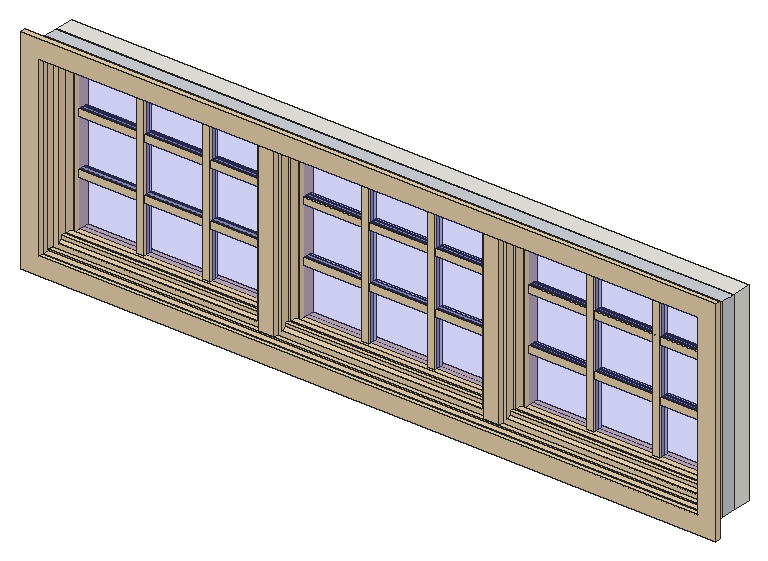
Revit family "1 Window-Awning-Andersen-400_Series_Triple", category Windows, host Wall, Revit 2014
Parameters
  XPanelWidth = (Width - 0' 2 3/8") / 3  # 2' - 3.20833"
  XPanelHeight = Height - 0' 1 1/8"  # 1' - 10 7/8"
  Visual Light Transmittance = 0.48  # constant formula
  Thermal Resistance (R) = 0.62871  # 3.5700 (h·ft²·°F)/BTU
  TFL = if(Fractional Lights High > 5, 3, if(or(Fractional Lights High = 4, Fractional Lights High = 5), 2, if(or(Fractional Lights High = 2, Fractional Lights High = 3), 1, 1)))  # 2
  TFB = TFL - 1  # 1
  Solar Heat Gain Coefficient = 0.21  # constant formula
  Learn About These Parameters = "http://www.andersenwindows.com/for-professionals/cad-symbols-bim-support-window-doors/bim-support"
  LWide = if(Enter Pattern Number = 3, 3, if(Enter Pattern Number = 1, . . Lights Wide, Fractional Lights Wide))  # 3
  Heat Transfer Coefficient (U) = 1.5899  # 0.2800 BTU/(h·ft²·°F)
  Glazing Material = Glass ‐ Andersen - Low-E4 SmartSun
  Fractional Lights Wide = 3
  Fractional Lights High = 5
  Exterior Unit Finish = Vinyl - Andersen - White
  Enter Jamb Condition = 1
  Analytic Construction = "<None>"
  ..Jamb Condition Number 1 = "Extension Jamb Only"  # constant formula
  ..Jamb Condition Number 2 = "Narrow Drywall Return"  # constant formula
  ..Jamb Condition Number 3 = "Wide Drywall Return"  # constant formula
  Available Grille Bar Sizes = "3/4'', 7/8'', 1 1/8'', 2 1/4''"  # constant formula
  Between Glass Grille Bar Sizes = "3/4'', 1''"  # constant formula
  Interior Casing = yes
  Grille Bar Size = 0' - 0 7/8"
  Enter Pattern Number = 1
  ..Pattern Number 1 = "Colonial"  # constant formula
  . . Lights Wide = 3
  . . Lights High = 3
  ..Pattern Number 2 = "Modified Colonial"  # constant formula
  ..Pattern Number 3 = "Prairie"  # constant formula
  ..Pattern Number 4 = "Short Fractional"  # constant formula
  ..Pattern Number 5 = "Tall Fractional"  # constant formula
  Extension Jamb = yes
  Enter Exterior Trim Number = 0
  ..Exterior Trim Number 0 = "No Exterior Trim"  # constant formula
  ..Exterior Trim Number 1 = "Brick Mould"  # constant formula
  ..Exterior Trim Number 2 = "3 1/2'' Flat Casing"  # constant formula
  ..Exterior Trim Number 3 = "4 1/2'' Flat Casing"  # constant formula
  Interior Grille Bar = yes
  Exterior Grille Bar = yes
  Between Glass Grille Bar = yes
  xjamb Visibility [instance] = and(and(Enter Jamb Condition = 1, Wall Depth > 0' 2 7/8"), Extension Jamb)  # yes
  xjamb S1 [instance] = if(Wall Depth > 0' 3", Wall Depth - 0' 2 27/32", 0' 3")  # 0' - 1 23/32"
  sill nose1 = 0' - 1 13/16"  # constant formula
  sill nose 2 = 0' - 1 15/16"  # constant formula
  casingS2 = if(Enter Exterior Trim Number = 1, 0' 0 3/16", 0' 0 3/16")  # 0' - 0 3/16"
  casingS1 = if(Enter Exterior Trim Number = 1, 0' 0 7/16", 0' 0 3/16")  # 0' - 0 3/16"
  casing4 = if(Enter Exterior Trim Number = 1, 0' 1 3/4", if(Enter Exterior Trim Number = 2, 0' 3 1/4", 0' 4 1/4"))  # 0' - 4 1/4"
  casing3 = 0' - 0 1/2"  # constant formula
  casing2 = 0' - 0 7/8"  # constant formula
  casing1 = 0' - 0 1/4"  # constant formula
  Xjamb 2 = if(or(Enter Jamb Condition = 2, Enter Jamb Condition = 3), 0' 0 1/32", 0' 0 1/2")  # 0' - 0 1/2"
  Xjamb 1 = if(or(Enter Jamb Condition = 2, Enter Jamb Condition = 3), 0' 0 5/8", 0' 1 3/32")  # 0' - 1 3/32"
  Wall Thickness [instance] = 0' - 6"
  Wall Depth [instance] = 0' - 4 9/16"
  Void Offset 2 = if(Enter Exterior Trim Number > 0, 0' 1 15/16", 0' 0")  # 0' - 0"
  Void Offset 1 = if(Enter Exterior Trim Number > 0, casing4, 0' 0")  # 0' - 0"
  Void Depth [instance] = if(Wall Thickness > Wall Depth, 0' 1" + Wall Thickness - Wall Depth, 0' 1")  # 0' - 2 7/16"
  VeriLock Sensor [instance] = no
  VGB DLO = if(Enter Pattern Number = 3, 0' 4", (H DLO - (Grille Bar Size * (V Bars))) / if(LWide > 2, LWide, 3))  # 2' - 1.91667"
  V Bars = if(Enter Pattern Number = 3, 2, if(LWide > 2, LWide - 1, 2))  # 2
  URL = "www.andersenwindows.com"
  Type Comments = "Vinyl-clad wood awning window"
  TS V DLO = Height - HGO - SGO  # 1' - 7 3/8"
  TS V Bar Length = if(or(Enter Pattern Number = 5, Enter Pattern Number = 2), ((((Height - HGO - SGO - (Grille Bar Size * (Fractional Lights High - 1))) / Fractional Lights High)) * TFL) + (TFB * Grille Bar Size), if(Enter Pattern Number = 4, ((Height - HGO - SGO - (Grille Bar Size * (Fractional Lights High - 1))) / Fractional Lights High), Height - HGO - SGO))  # 1' - 7 3/8"
  TS SH DLO = if(or(Enter Pattern Number = 5, Enter Pattern Number = 2), ((((Height - HGO - SGO - (Grille Bar Size * (Fractional Lights High - 1))) / Fractional Lights High)) * TFL) + (TFB * Grille Bar Size) + HGO + (Grille Bar Size / 2), if(Enter Pattern Number = 4, TS V Bar Length + HGO + (Grille Bar Size / 2), (TS V DLO / 2) + HGO))  # 1' - 0 1/16"
  TS S V = or(and(LWide = 2, Enter Pattern Number = 1), and(Fractional Lights Wide = 2, or(or(Enter Pattern Number = 2, Enter Pattern Number = 4), Enter Pattern Number = 5)))  # no
  TS S H Craftsman = and(Enter Pattern Number = 2, or(Fractional Lights High = 4, Fractional Lights High = 5))  # no
  TS S H = or(or(or(and(. . Lights High = 2, Enter Pattern Number = 1), and(Enter Pattern Number = 4, Fractional Lights High > 1)), and(Enter Pattern Number = 5, Fractional Lights High > 1)), and(Enter Pattern Number = 2, Fractional Lights High > 1))  # no
  TS M V = LWide > 2  # yes
  TS M H = or(or(Enter Pattern Number = 3, and(. . Lights High > 2, Enter Pattern Number = 1)), and(Enter Pattern Number = 2, Fractional Lights High > 5))  # yes
  TS HGB DLO = if(Enter Pattern Number = 1, if(. . Lights High > 2, ((TS V Bar Length - (Grille Bar Size * (. . Lights High - 1))) / . . Lights High), 0' 4"), if(Enter Pattern Number = 3, 0' 4", if(Fractional Lights High > 2, ((TS V Bar Length - (Grille Bar Size * 2)) / 3), 0' 4")))  # 0' - 5 7/8"
  TS H Bars = if(Enter Pattern Number = 3, 2, if(Enter Pattern Number = 1, if(. . Lights High > 2, . . Lights High - 1, 2), 2))  # 2
  Step Visibility = or(Enter Jamb Condition = 2, Enter Jamb Condition = 3)  # no
  Step Jamb2 = if(Enter Jamb Condition = 2, 0' 0 1/4", 0' 0 13/16")  # 0' - 0 13/16"
  Step Jamb1 = 0' - 1 1/8"  # constant formula
  Sill Stop Dim [instance] = 0' - 2 1/2"
  SGO = 0' - 2 1/4"  # constant formula
  Rough Width = Width + (Rough Opening Offset * 2)  # 7' - 0 1/2"
  Rough Opening Offset = 0' - 0 1/4"
  Rough Height = Height + (Rough Opening Offset * 2)  # 2' - 0 1/2"
  Push Out Stop Visibility [instance] = no
  Product Documentation Link = "https://www.andersenwindows.com/windows-and-doors/windows/awning-windows/400-series-awning-window/"
  Plan Exterior Mask Visibility [instance] = Plan Exterior Mask 2 > 0' 0 1/32"  # yes
  Plan Exterior Mask 2 [instance] = if(Enter Exterior Trim Number > 0, if(Wall Depth + 0' 1 1/16" + casingS1 > Wall Thickness, 0' 0 1/32", Wall Thickness - Wall Depth - 0' 1 1/16" - casingS1), if(Wall Depth + 0' 1 1/16" > Wall Thickness, 0' 0 1/32", Wall Thickness - Wall Depth - 0' 0 1/16"))  # 0' - 1 3/8"
  Plan Exterior Mask [instance] = if(Enter Exterior Trim Number > 0, 0' 1 1/16" + casingS1, 0' 1 1/16")  # 0' - 1 1/16"
  Nail Fin Visibility = Enter Exterior Trim Number = 0  # yes
  Model = "400-Series Awning"  # constant formula
  Masonry Width = if(Enter Exterior Trim Number > 0, Width + ((casing4 + Masonry Opening Offset) * 2), Width + (Masonry Opening Offset * 2))  # 7' - 0 1/2"
  Masonry Opening Offset = 0' - 0 1/4"
  Masonry Height = if(Enter Exterior Trim Number > 0, Height + (casing4 + Masonry Opening Offset) + (sill nose 2 + Masonry Opening Offset), Height + (Masonry Opening Offset * 2))  # 2' - 0 1/2"
  Manufacturer = "Andersen Corporation"  # constant formula
  JGO = 0' - 2 1/4"  # constant formula
  Interior Trim Visibility = and(Enter Jamb Condition = 1, Interior Casing)  # yes
  Interior Material = Wood - Andersen - Pine
  Interior Casing Size = 0' - 2 1/4"
  Horizontal Craftsman Bar Size = 0' - 0 7/8"
  Height = 2' - 0"
  Head Stop Dim [instance] = 0' - 2 17/64"
  HGO = 0' - 2 3/8"  # constant formula
  H DLO = Width - (JGO * 2)  # 6' - 7 1/2"
  Family Version = "01.01.19"  # constant formula
  Exterior Trim Finish = Fibrex Composite - Andersen - White
  Designation = "CMT"
  Description = "Vinyl-clad wood awning window"  # constant formula
  Default Sill Height = 6' 10 1/2" - Rough Height  # 4' - 10"
  Wall Closure = By host
  Width = 7' - 0"
  Crank Out Stop Visibility [instance] = yes
  Coarse Plan [instance] = if(Wall Depth < Wall Thickness, Wall Depth, Wall Thickness)  # 0' - 4 9/16"
  Casing Visibility = Enter Exterior Trim Number > 0  # no
  Between Glass Grille Bar Finish = Stainless Steel - Andersen - Standard
  Bar Center Line = if(Enter Pattern Number = 3, 1, 2)  # 2
  Assembly Code = "B2020100"
Reference planes (in)
  plane 1 "Center (Front/Back)": y = 0
  plane 2: z = 0
  plane 3 "Center (Left/Right)": x = 0
  plane 4 "R Frame": x = -42
  plane 5 "L Frame": x = 42
  plane 6 "B Frame": z = 58.25
  plane 7 "T Frame": z = 82.25
  plane 8 "L Glazing": x = 39.75
  plane 9 "L Ext Frame": x = 41.514
  plane 10 "L Stop": x = 40
  plane 11 "L Xjamb 1": x = 40.90625
  plane 12 "L Casing 1": x = 41.75
  plane 13 "L Xjamb 2": x = 41.5
  plane 14 "L Rough Opening": x = 42.25
  plane 15 "L Casing 2": x = 45.375
  plane 16 "L Casing 3": x = 45.75
  plane 17 "L Casing 4": x = 46.25
  plane 18 "R Glazing": x = -39.75
  plane 19 "R Ext Frame": x = -41.514
  plane 20 "R Stop": x = -40
  plane 21 "R Xjamb 1": x = -40.90625
  plane 22 "R Casing 1": x = -41.75
  plane 23 "R Xjamb 2": x = -41.5
  plane 24 "R Rough Opening": x = -42.25
  plane 25 "R Casing 2": x = -45.375
  plane 26 "R Casing 3": x = -45.75
  plane 27 "R Casing 4": x = -46.25
  plane 28 "R Int Casing": x = -43.15625
  plane 29 "T Ext Frame": z = 81.68689
  plane 30 "T Xjamb 1": z = 81.15625
  plane 31 "T Casing 1": z = 82
  plane 32 "T Xjamb 2": z = 81.75
  plane 33 "T Rough Opening": z = 82.5
  plane 34 "T Casing 2": z = 85.625
  plane 35 "T Casing 3": z = 86
  plane 36 "T Casing 4": z = 86.5
  plane 37 "T Int Casing": z = 83.40625
  plane 38 "B Ext Frame": z = 58.81311
  plane 39 "B Xjamb 2": z = 58.75
  plane 40 "B Casing 1": z = 58.5
  plane 41 "B Casing 2": z = 56.3125
  plane 42 "B Int Casing": z = 56.985
  plane 43 "L Int Casing": x = 43.15625
  plane 44 "Casing S1": y = 3.062
  plane 45 "Casing S2": y = 3.062
  plane 46 "Frame S1": y = 2.8745
  plane 47 "Flange": y = 1.5625
  plane 48 "Sash1 S2": y = 0.5625
  plane 49 "Frame S2": y = -1.2855
  plane 50 "B Xjamb 1": z = 59.235
  plane 51 "Exterior Offset": y = 4
  plane 52 "Interior Casing": y = -3.625
  plane 53 "B Rough Opening": z = 58
  plane 54 "R Masonry Opening": x = -46.5
  plane 55 "L Masonry Opening": x = 46.5
  plane 56 "T Masonry Opening": z = 86.75
  plane 57 "B Masonry Opening": z = 56.0625
  plane 58 "Xjamb S1": y = -1.28125
  plane 59 "R Sash": x = -41.42
  plane 60 "L Sash": x = 41.42
  plane 61 "Stop S1": y = -1.4375
  plane 62 "T Sash": z = 81.5
  plane 63 "T Int Frame": z = 81.14
  plane 64 "B Int Frame": z = 59.235
  plane 65 "L Int Frame": x = 40.891
  plane 66 "R Int Frame": x = -40.891
  plane 67 "T Stop": z = 79.98437
  plane 68 "B Stop": z = 60.75
  plane 69: x = -14.30567
  plane 70: x = 14.30567
Forms (in)
  Extrusion 1, void
    sketch origin (0, 0, 0) x (1, 0, 0) y (0, 0, 1)
      loop
        line (42, 82.25) -> (-42, 82.25) -> (-42, 58.25) -> (42, 58.25) -> (42, 82.25)
    from -1.5625 to 3
  Extrusion 2, void
    sketch origin (0, 0, 0) x (1, 0, 0) y (0, 0, 1)
      loop
        line (42, 82.25) -> (-42, 82.25) -> (-42, 58.25) -> (42, 58.25) -> (42, 82.25)
    from -15 to -1.5625
  Extrusion 3, solid, material "Wood - Andersen - Pine" <- "Interior Material", visible <- "xjamb Visibility", detail levels medium+fine
    sketch origin (0, -2.5625, 0) x (-1, 0, 0) y (0, 0, 1)
      loop
        line (41.5, 81.75) -> (-41.5, 81.75) -> (-41.5, 58.75) -> (41.5, 58.75) -> (41.5, 81.75)
      loop
        line (40.90625, 81.15625) -> (-40.90625, 81.15625) -> (-40.90625, 59.235) -> (40.90625, 59.235) -> (40.90625, 81.15625)
    from 1.28125 to -0.4375
  Extrusion 4, solid, material "Wood - Andersen - Pine" <- "Interior Material", visible <- "Interior Trim Visibility", detail levels fine
    sketch origin (0, -3.625, 0) x (-1, 0, 0) y (0, 0, 1)
      loop
        line (43.15625, 83.40625) -> (-43.15625, 83.40625) -> (-43.15625, 56.985) -> (43.15625, 56.985) -> (43.15625, 83.40625)
      loop
        line (40.90625, 81.15625) -> (-40.90625, 81.15625) -> (-40.90625, 59.235) -> (40.90625, 59.235) -> (40.90625, 81.15625)
    from 0 to 0.625
  Extrusion 5, solid, material "Fibrex Composite - Andersen - White" <- "Exterior Trim Finish", visible <- "Casing Visibility", detail levels medium+fine
    sketch origin (0, 0, 0) x (0, 1, 0) y (0, 0, 1)
      loop
        line (2.31163, 58.25) -> (1.5625, 58.25) -> (1.5625, 56.3125) -> (3.375, 56.3125) -> (3.375, 58.0625) -> (2.31163, 58.25)
    from -46.25 to 46.25
  Sweep 6, solid, material "Fibrex Composite - Andersen - White" <- "Exterior Trim Finish", visible <- "Casing Visibility", detail levels medium+fine
    path origin (0, 1.5625, 0) x (-1, 0, 0) y (0, 0, 1)
      loop
        line (-46.25, 56.3125) -> (-46.25, 86.5) -> (46.25, 86.5) -> (46.25, 56.3125)
    profile origin (46.25, 1.5625, 71.40625) x (1, 0, 0) y (0, 1, 0)
      loop
        line (-0.875, 1.4995) -> (-4.5, 1.4995) -> (-4.5, 0) -> (0, 0) -> (0, 1.4995) -> (-0.5, 1.4995) -> (-0.875, 1.4995)
  Extrusion 7, solid, material "Fibrex Composite - Andersen - White" <- "Exterior Trim Finish", visible <- "Casing Visibility", detail levels coarse
    sketch origin (0, 1.5625, 0) x (-1, 0, 0) y (0, 0, 1)
      loop
        line (-46.25, 86.5) -> (-46.25, 56.3125) -> (46.25, 56.3125) -> (46.25, 86.5) -> (-46.25, 86.5)
      loop
        line (-41.75, 82) -> (-41.75, 58.25) -> (41.75, 58.25) -> (41.75, 82) -> (-41.75, 82)
    from 0 to 1.4995
  Extrusion 8, solid, material "Vinyl - Andersen - White" <- "Exterior Unit Finish"
    sketch origin (0, 0, 0) x (1, 0, 0) y (0, 0, 1)
      loop
        line (42, 82.25) -> (-42, 82.25) -> (-42, 58.25) -> (42, 58.25) -> (42, 82.25)
      loop
        line (41.514, 81.68689) -> (-41.514, 81.68689) -> (-41.514, 58.81311) -> (41.514, 58.81311) -> (41.514, 81.68689)
    from -2.8745 to -0.5625
  Extrusion 9, solid
    sketch origin (0, 0, 0) x (1, 0, 0) y (0, 0, 1)
      loop
        line (42, 82.25) -> (-42, 82.25) -> (-42, 58.25) -> (42, 58.25) -> (42, 82.25)
      loop
        line (40.891, 81.14) -> (-40.891, 81.14) -> (-40.891, 59.235) -> (40.891, 59.235) -> (40.891, 81.14)
    from -0.5625 to 1.2855
  Extrusion 10, solid, material "Wood - Andersen - Pine" <- "Interior Material"
    sketch origin (0, 0, 0) x (0, 1, 0) y (0, 0, 1)
      loop
        line (-0.4375, 60.75) -> (-0.4375, 60.673) -> (-1.00544, 60.673) -> (-1.00544, 60.26216) -> (-1.2885, 59.922) -> (-1.4375, 59.922) -> (-1.4375, 59.235) -> (0.5625, 59.235) -> (0.5625, 60.47) -> (0.2955, 60.75) -> (-0.4375, 60.75)
    from -40.891 to 40.891
  Extrusion 11, solid, material "Wood - Andersen - Pine" <- "Interior Material"
    sketch origin (0, 0, 0) x (1, 0, 0) y (0, 1, 0)
      loop
        line (-40.891, -1.4375) -> (-40.188, -1.4375) -> (-40.188, -0.4375) -> (-40, -0.4375) -> (-40, 0.5625) -> (-40.891, 0.5625) -> (-40.891, -1.4375)
      loop
        line (40.891, -1.4375) -> (40.891, 0.5625) -> (40, 0.5625) -> (40, -0.4375) -> (40.188, -0.4375) -> (40.188, -1.4375) -> (40.891, -1.4375)
    from 59.235 to 81.14
  Sweep 12, solid, material "Wood - Andersen - Pine" <- "Interior Material"
    path origin (0, 1.5625, 0) x (-1, 0, 0) y (0, 0, 1)
      loop
        line (42, 58.25) -> (42, 82.25) -> (-42, 82.25) -> (-42, 58.25) -> (42, 58.25)
    profile origin (-42, 1.5625, 70.25) x (1, 0, 0) y (0, 1, 0)
      loop
        line (0, -2.848) -> (0, -3.6605) -> (1.09375, -3.6605) -> (1.09375, -2.848) -> (0, -2.848)
  Extrusion 13, solid, material "Wood - Andersen - Pine" <- "Interior Material"
    sketch origin (0, 0, 0) x (0, 1, 0) y (0, 0, 1)
      loop
        line (-1.4375, 81.14) -> (-1.4375, 80.345) -> (-0.4375, 80.345) -> (-0.4375, 79.98437) -> (0.5625, 79.98437) -> (0.5625, 81.14) -> (-1.4375, 81.14)
    from -40.891 to 40.891
  Extrusion 14, solid, material "Vinyl - Andersen - White" <- "Exterior Unit Finish"
    sketch origin (16.2721, 55.75519, 58.25) x (0, -1, 0) y (1, 0, 0)
      loop
        line (52.88069, -30.57777) -> (55.19269, -30.57777) -> (55.19269, -29.87377) -> (52.88069, -29.87377) -> (52.88069, -30.57777)
    from 0.56311 to 23.43689
  Extrusion 15, solid, material "Wood - Andersen - Pine" <- "Interior Material"
    sketch origin (24.415, 42.77433, 58.25) x (0, -1, 0) y (1, 0, 0)
      loop
        line (42.21183, -40.23467) -> (43.21183, -40.23467) -> (43.21183, -39.87467) -> (44.21183, -39.87467) -> (44.21183, -39.34367) -> (44.72983, -39.34367) -> (44.72983, -37.39367) -> (44.21183, -37.39367) -> (44.21183, -36.86267) -> (43.21183, -36.86267) -> (43.21183, -36.50267) -> (42.21183, -36.50267) -> (42.21183, -40.23467)
    from 0.985 to 22.89
  Extrusion 16, solid, material "Vinyl - Andersen - White" <- "Exterior Unit Finish"
    sketch origin (48.18194, 81.35257, 58.25) x (0, -1, 0) y (1, 0, 0)
      loop
        line (78.47807, -34.58027) -> (80.79007, -34.58027) -> (80.79007, -33.87627) -> (78.47807, -33.87627) -> (78.47807, -34.58027)
    from 0.56311 to 23.43689
  Extrusion 17, solid, material "Wood - Andersen - Pine" <- "Interior Material"
    sketch origin (48.18194, 49.73218, 58.25) x (0, -1, 0) y (1, 0, 0)
      loop
        line (49.16968, -36.09427) -> (50.16968, -36.09427) -> (50.16968, -35.73427) -> (51.16968, -35.73427) -> (51.16968, -35.20327) -> (51.68768, -35.20327) -> (51.68768, -33.25327) -> (51.16968, -33.25327) -> (51.16968, -32.72227) -> (50.16968, -32.72227) -> (50.16968, -32.36227) -> (49.16968, -32.36227) -> (49.16968, -36.09427)
    from 0.985 to 22.89
Cuts and joins
  joined: Extrusion 5, Sweep 6
  joined: Extrusion 10, Extrusion 11, Sweep 12, Extrusion 13, Extrusion 15, Extrusion 17
  joined: Extrusion 8, Extrusion 14, Extrusion 16
Lines and regions (in)
  Masking region 1, detail levels medium+fine
    outline origin (0, 0, 58.81311) x (0, -1, 0) y (1, 0, 0)
      loop
        line (-2.8745, -42) -> (1.2855, -42) -> (1.2855, -40.891) -> (1.4375, -40.891) -> (1.4375, 40.891) -> (1.2855, 40.891) -> (1.2855, 42) -> (-2.8745, 42) -> (-2.8745, -42)
  Masking region 2, visible <- "Casing Visibility", detail levels medium+fine
    outline origin (0, 0, 58.81311) x (0, -1, 0) y (1, 0, 0)
      loop
        line (-2.8745, -42) -> (-2.8745, 42) -> (-1.5625, 42) -> (-1.5625, 46.25) -> (-3.062, 46.25) -> (-3.062, -46.25) -> (-1.5625, -46.25) -> (-1.5625, -42) -> (-2.8745, -42)
  Masking region 3, visible <- "Nail Fin Visibility", detail levels coarse
    outline origin (0, 0, 58.25) x (0, -1, 0) y (1, 0, 0)
      loop
        line (-4, -42) -> (3, -42) -> (3, 42) -> (-4, 42) -> (-4, -42)
  Masking region 4
    outline origin (0, 0, 0) x (0, 1, 0) y (0, 0, 1)
      loop
        line (2.8745, 82.25) -> (-1.2855, 82.25) -> (-1.2855, 81.14) -> (-1.4375, 81.14) -> (-1.4375, 59.235) -> (-1.2855, 59.235) -> (-1.2855, 58.25) -> (2.8745, 58.25) -> (2.8745, 82.25)
  Masking region 5, visible <- "Casing Visibility"
    outline origin (0, 0, 0) x (0, 1, 0) y (0, 0, 1)
      loop
        line (2.8745, 58.15075) -> (2.8745, 58.25) -> (1.5625, 58.25) -> (1.5625, 56.3125) -> (3.375, 56.3125) -> (3.375, 58.0625) -> (2.8745, 58.15075)
  Masking region 6, visible <- "Casing Visibility"
    outline origin (0, 0, 0) x (0, 1, 0) y (0, 0, 1)
      loop
        line (2.8745, 82.25) -> (2.8745, 58.15075) -> (3.062, 58.11769) -> (3.062, 86.5) -> (1.5625, 86.5) -> (1.5625, 82.25) -> (2.8745, 82.25)
  Masking region 7, visible <- "Casing Visibility", detail levels coarse
    outline origin (0, 0, 58.25) x (0, -1, 0) y (1, 0, 0)
      loop
        line (-4, -46.25) -> (-1.5625, -46.25) -> (-1.5625, -42) -> (3, -42) -> (3, 42) -> (-1.5625, 42) -> (-1.5625, 46.25) -> (-4, 46.25) -> (-4, -46.25)
  Masking region 8, visible <- "Step Visibility", detail levels medium+fine
    outline origin (0, 0, 0) x (0, 1, 0) y (0, 0, 1)
      loop
        line (-1.28125, 82.25) -> (-2.098, 82.25) -> (-2.098, 58.25) -> (-1.28125, 58.25) -> (-1.28125, 59.235) -> (-1.4375, 59.235) -> (-1.4375, 81.14) -> (-1.28125, 81.14) -> (-1.28125, 82.25)
  Masking region 9, visible <- "xjamb Visibility", detail levels medium+fine
    outline origin (0, 0, 0) x (0, 1, 0) y (0, 0, 1)
      loop
        line (-1.28125, 81.75) -> (-3, 81.75) -> (-3, 58.75) -> (-1.28125, 58.75) -> (-1.28125, 59.235) -> (-1.4375, 59.235) -> (-1.4375, 81.14) -> (-1.28125, 81.14) -> (-1.28125, 81.75)
  Masking region 10, visible <- "Interior Trim Visibility", detail levels fine
    outline origin (0, 0, 0) x (0, 1, 0) y (0, 0, 1)
      loop
        line (-3, 83.40625) -> (-3.625, 83.40625) -> (-3.625, 56.985) -> (-3, 56.985) -> (-3, 83.40625)
  Masking region 11, visible <- "Step Visibility", detail levels medium+fine
    outline origin (0, 0, 58.25) x (0, -1, 0) y (1, 0, 0)
      loop
        line (1.28125, -42) -> (2.098, -42) -> (2.098, 42) -> (1.28125, 42) -> (1.28125, 40.891) -> (1.4375, 40.891) -> (1.4375, -40.891) -> (1.28125, -40.891) -> (1.28125, -42)
  Masking region 12, visible <- "xjamb Visibility", detail levels medium+fine
    outline origin (0, 0, 58.25) x (0, -1, 0) y (1, 0, 0)
      loop
        line (1.28125, -41.5) -> (3, -41.5) -> (3, 41.5) -> (1.28125, 41.5) -> (1.28125, 40.891) -> (1.4375, 40.891) -> (1.4375, -40.891) -> (1.28125, -40.891) -> (1.28125, -41.5)
  Masking region 13, visible <- "Interior Trim Visibility", detail levels fine
    outline origin (0, 0, 58.25) x (0, -1, 0) y (1, 0, 0)
      loop
        line (3, -43.15625) -> (3.625, -43.15625) -> (3.625, 43.15625) -> (3, 43.15625) -> (3, -43.15625)
  symbolic lines, style "WindowsFrameMullionProjection", visible <- "Casing Visibility", detail levels fine
    curve 1: line (45.75, 3.062, 58.25) -> (45.375, 3.062, 58.25)
    curve 2: line (45.375, 3.062, 58.25) -> (41.75, 3.062, 58.25)
    curve 3: line (41.75, 3.062, 58.25) -> (41.75, 2.8745, 58.25)
    curve 4: line (-45.75, 3.062, 58.25) -> (-45.375, 3.062, 58.25)
    curve 5: line (-45.375, 3.062, 58.25) -> (-41.75, 3.062, 58.25)
    curve 6: line (-41.75, 3.062, 58.25) -> (-41.75, 2.8745, 58.25)
  symbolic lines, style "WindowsFrameMullionProjection", detail levels medium
    curve 7: line (-41.514, 2.8745, 58.25) -> (-41.514, 0.5625, 58.25)
    curve 8: line (41.514, 2.8745, 58.25) -> (41.514, 0.5625, 58.25)
    curve 66: line (41.514, 0.5625, 0) -> (40, 0.5625, 0)
    curve 67: line (40, 0.5625, 0) -> (40, -1.4375, 0)
    curve 68: line (-41.514, 0.5625, 0) -> (-40, 0.5625, 0)
    curve 69: line (-40, 0.5625, 0) -> (-40, -1.4375, 0)
    curve 391: line (13.60167, 2.8745, 46.81311) -> (14.30567, 2.8745, 46.81311)
    curve 392: line (14.30567, 2.8745, 46.81311) -> (14.30567, 0.5625, 46.81311)
    curve 393: line (14.30567, 0.5625, 46.81311) -> (15.81967, 0.5625, 46.81311)
    curve 394: line (15.81967, 0.5625, 46.81311) -> (15.81967, -1.4375, 46.81311)
    curve 395: line (15.81967, -1.4375, 46.81311) -> (14.92867, -1.4375, 46.81311)
    curve 396: line (14.92867, -1.4375, 46.81311) -> (14.92867, -1.9555, 46.81311)
    curve 397: line (14.92867, -1.9555, 46.81311) -> (12.97867, -1.9555, 46.81311)
    curve 398: line (12.97867, -1.9555, 46.81311) -> (12.97867, -1.4375, 46.81311)
    curve 399: line (12.97867, -1.4375, 46.81311) -> (12.08767, -1.4375, 46.81311)
    curve 400: line (12.08767, -1.4375, 46.81311) -> (12.08767, 0.5625, 46.81311)
    curve 401: line (12.08767, 0.5625, 46.81311) -> (13.60167, 0.5625, 46.81311)
    curve 402: line (13.60167, 0.5625, 46.81311) -> (13.60167, 2.8745, 46.81311)
    curve 462: line (-14.30567, 2.8745, 46.81311) -> (-13.60167, 2.8745, 46.81311)
    curve 463: line (-13.60167, 2.8745, 46.81311) -> (-13.60167, 0.5625, 46.81311)
    curve 464: line (-13.60167, 0.5625, 46.81311) -> (-12.08767, 0.5625, 46.81311)
    curve 465: line (-12.08767, 0.5625, 46.81311) -> (-12.08767, -1.4375, 46.81311)
    curve 466: line (-12.08767, -1.4375, 46.81311) -> (-12.97867, -1.4375, 46.81311)
    curve 467: line (-12.97867, -1.4375, 46.81311) -> (-12.97867, -1.9555, 46.81311)
    curve 468: line (-12.97867, -1.9555, 46.81311) -> (-14.92867, -1.9555, 46.81311)
    curve 469: line (-14.92867, -1.9555, 46.81311) -> (-14.92867, -1.4375, 46.81311)
    curve 470: line (-14.92867, -1.4375, 46.81311) -> (-15.81967, -1.4375, 46.81311)
    curve 471: line (-15.81967, -1.4375, 46.81311) -> (-15.81967, 0.5625, 46.81311)
    curve 472: line (-15.81967, 0.5625, 46.81311) -> (-14.30567, 0.5625, 46.81311)
    curve 473: line (-14.30567, 0.5625, 46.81311) -> (-14.30567, 2.8745, 46.81311)
  symbolic lines, style "WindowsFrameMullionProjection", detail levels coarse
    curve 9: line (-40, -3, 58.25) -> (-40, 4, 58.25)
    curve 10: line (40, -3, 58.25) -> (40, 4, 58.25)
  symbolic lines, style "WindowsGlassProjection", detail levels coarse
    curve 11: line (-40, 0, 58.25) -> (40, 0, 58.25)
    curve 12: line (-40, 1, 58.25) -> (40, 1, 58.25)
  symbolic lines, style "WindowsFrameMullionProjection", visible <- "Casing Visibility"
    curve 13: line (0, 3.062, 86) -> (0, 3.062, 85.625)
    curve 14: line (0, 3.062, 85.625) -> (0, 3.062, 82)
    curve 15: line (0, 3.062, 82) -> (0, 2.8745, 82)
    curve 186: line (-46.25, 3.062, 58.25) -> (-46.25, 1.5625, 58.25)
    curve 188: line (46.25, 3.062, 58.25) -> (46.25, 1.5625, 58.25)
    curve 190: line (0, 3.062, 86.5) -> (0, 1.5625, 86.5)
    curve 192: line (0, 3.062, 56.3125) -> (0, 1.5625, 56.3125)
  symbolic lines, style "WindowsFrameMullionProjection", visible <- "Casing Visibility", detail levels medium
    curve 16: line (-42, 2.8745, 58.25) -> (-42, 3.062, 58.25)
    curve 17: line (42, 3.062, 58.25) -> (42, 2.8745, 58.25)
  symbolic lines, style "WindowsFrameMullionProjection", visible <- "Nail Fin Visibility", detail levels medium+fine
    curve 18: line (-42, 1.5625, 0) -> (-43.5, 1.5625, 0)
    curve 50: line (42, 1.5625, 0) -> (43.5, 1.5625, 0)
  symbolic lines, style "WindowsFrameMullionProjection", detail levels fine
    curve 19: line (-40.891, -1.4375, 0) -> (-40.891, 1.0895, 0)
    curve 20: line (-40, 0.5625, 0) -> (-40, -0.505, 0)
    curve 21: line (-41.19253, 1.0895, 0) -> (-41.31813, 1.9375, 0)
    curve 22: line (-41.03384, 1.3805, 0) -> (-41.03384, 2.0625, 0)
    curve 23: line (-41.34196, 2.0625, 0) -> (-41.42, 2.3755, 0)
    curve 24: line (-41.42, 2.3755, 0) -> (-41.42, 2.5625, 0)
    curve 25: line (-41.42, 2.5625, 0) -> (-40.42814, 2.5625, 0)
    curve 28: line (-40, 0.5625, 0) -> (-39.75, 1.2845, 0)
    curve 40: line (-40.375, 2.3125, 0) -> (-40.375, 1.2845, 0)
    curve 41: line (-40.01883, 2.3125, 0) -> (-39.75, 1.9105, 0)
    curve 46: line (-39.87475, 1.3805, 0) -> (-39.87475, 1.8145, 0)
    curve 51: line (40.891, -1.4375, 0) -> (40.891, 1.0895, 0)
    curve 52: line (40, 0.5625, 0) -> (40, -0.505, 0)
    curve 53: line (41.19253, 1.0895, 0) -> (41.31813, 1.9375, 0)
    curve 54: line (41.03384, 1.3805, 0) -> (41.03384, 2.0625, 0)
    curve 55: line (41.34196, 2.0625, 0) -> (41.42, 2.3755, 0)
    curve 56: line (41.42, 2.3755, 0) -> (41.42, 2.5625, 0)
    curve 57: line (41.42, 2.5625, 0) -> (40.42814, 2.5625, 0)
    curve 60: line (40, 0.5625, 0) -> (39.75, 1.2845, 0)
    curve 61: line (40.375, 2.3125, 0) -> (40.375, 1.2845, 0)
    curve 62: line (40.01883, 2.3125, 0) -> (39.75, 1.9105, 0)
    curve 65: line (39.87475, 1.3805, 0) -> (39.87475, 1.8145, 0)
    curve 84: line (0, 1.8145, 80.01044) -> (0, 1.3805, 80.01044)
    curve 92: line (-40, -0.505, 0) -> (-40.36, -0.505, 0)
    curve 93: line (-40.36, -0.505, 0) -> (-40.36, -1.4375, 0)
    curve 96: line (40, -0.505, 0) -> (40.36, -0.505, 0)
    curve 97: line (40.36, -0.505, 0) -> (40.36, -1.4375, 0)
    curve 111: line (-41.45476, 1.9375, 0) -> (-41.514, 2.3375, 0)
    curve 112: line (-41.31813, 1.9375, 0) -> (-41.45476, 1.9375, 0)
    curve 113: line (-40.6, 0.5625, 0) -> (-40.775, 1.3805, 0)
    curve 114: line (-40.375, 2.3125, 0) -> (-40.01883, 2.3125, 0)
    curve 115: line (-41.34196, 2.0625, 0) -> (-41.03384, 2.0625, 0)
    curve 116: line (-41.03384, 1.3805, 0) -> (-40.775, 1.3805, 0)
    curve 117: line (-40.891, 0.5625, 0) -> (-40, 0.5625, 0)
    curve 118: line (-41.19253, 1.0895, 0) -> (-40.891, 1.0895, 0)
    curve 127: line (41.45476, 1.9375, 0) -> (41.514, 2.3375, 0)
    curve 128: line (41.31813, 1.9375, 0) -> (41.45476, 1.9375, 0)
    curve 129: line (40.6, 0.5625, 0) -> (40.775, 1.3805, 0)
    curve 130: line (40.375, 2.3125, 0) -> (40.01883, 2.3125, 0)
    curve 131: line (41.34196, 2.0625, 0) -> (41.03384, 2.0625, 0)
    curve 132: line (41.03384, 1.3805, 0) -> (40.775, 1.3805, 0)
    curve 133: line (40.891, 0.5625, 0) -> (40, 0.5625, 0)
    curve 134: line (41.19253, 1.0895, 0) -> (40.891, 1.0895, 0)
    curve 135: line (-41.514, 2.3375, 0) -> (-41.514, 2.8745, 0)
    curve 137: line (41.514, 2.3375, 0) -> (41.514, 2.8745, 0)
    curve 138: line (-40.42814, 2.5625, 0) -> (-40.375, 2.3125, 0)
    curve 140: line (40.42814, 2.5625, 0) -> (40.375, 2.3125, 0)
    curve 165: line (0, 1.8145, 60.36456) -> (0, 1.3805, 60.36456)
    curve 318: line (14.92867, -1.9555, 0) -> (14.92867, 1.0895, 0)
    curve 319: line (15.81967, 0.5625, 0) -> (15.81967, -0.505, 0)
    curve 320: line (14.62713, 1.0895, 0) -> (14.50154, 1.9375, 0)
    curve 321: line (14.78583, 1.3805, 0) -> (14.78583, 2.0625, 0)
    curve 322: line (14.47771, 2.0625, 0) -> (14.39967, 2.3755, 0)
    curve 323: line (14.39967, 2.3755, 0) -> (14.39967, 2.5625, 0)
    curve 324: line (14.39967, 2.5625, 0) -> (15.39153, 2.5625, 0)
    curve 327: line (15.81967, 0.5625, 0) -> (16.06967, 1.2845, 0)
    curve 328: line (15.44467, 2.3125, 0) -> (15.44467, 1.2845, 0)
    curve 329: line (15.80084, 2.3125, 0) -> (16.06967, 1.9105, 0)
    curve 332: line (15.94492, 1.3805, 0) -> (15.94492, 1.8145, 0)
    curve 333: line (15.81967, -0.505, 0) -> (15.45967, -0.505, 0)
    curve 334: line (15.45967, -0.505, 0) -> (15.45967, -1.4375, 0)
    curve 335: line (14.36491, 1.9375, 0) -> (14.30567, 2.3375, 0)
    curve 336: line (14.50154, 1.9375, 0) -> (14.36491, 1.9375, 0)
    curve 337: line (15.21967, 0.5625, 0) -> (15.04467, 1.3805, 0)
    curve 338: line (15.44467, 2.3125, 0) -> (15.80084, 2.3125, 0)
    curve 339: line (14.47771, 2.0625, 0) -> (14.78583, 2.0625, 0)
    curve 340: line (14.78583, 1.3805, 0) -> (15.04467, 1.3805, 0)
    curve 341: line (14.92867, 0.5625, 0) -> (15.81967, 0.5625, 0)
    curve 342: line (14.62713, 1.0895, 0) -> (14.92867, 1.0895, 0)
    curve 343: line (14.30567, 2.3375, 0) -> (14.30567, 2.8745, 0)
    curve 344: line (15.39153, 2.5625, 0) -> (15.44467, 2.3125, 0)
    curve 345: line (12.97867, -1.9555, 0) -> (12.97867, 1.0895, 0)
    curve 346: line (12.08767, 0.5625, 0) -> (12.08767, -0.505, 0)
    curve 347: line (13.2802, 1.0895, 0) -> (13.40579, 1.9375, 0)
    curve 348: line (13.12151, 1.3805, 0) -> (13.12151, 2.0625, 0)
    curve 349: line (13.42963, 2.0625, 0) -> (13.50767, 2.3755, 0)
    curve 350: line (13.50767, 2.3755, 0) -> (13.50767, 2.5625, 0)
    curve 351: line (13.50767, 2.5625, 0) -> (12.51581, 2.5625, 0)
    curve 354: line (12.08767, 0.5625, 0) -> (11.83767, 1.2845, 0)
    curve 355: line (12.46267, 2.3125, 0) -> (12.46267, 1.2845, 0)
    curve 356: line (12.10649, 2.3125, 0) -> (11.83767, 1.9105, 0)
    curve 359: line (11.96242, 1.3805, 0) -> (11.96242, 1.8145, 0)
    curve 360: line (12.08767, -0.505, 0) -> (12.44767, -0.505, 0)
    curve 361: line (12.44767, -0.505, 0) -> (12.44767, -1.4375, 0)
    curve 362: line (13.54242, 1.9375, 0) -> (13.60167, 2.3375, 0)
    curve 363: line (13.40579, 1.9375, 0) -> (13.54242, 1.9375, 0)
    curve 364: line (12.68767, 0.5625, 0) -> (12.86267, 1.3805, 0)
    curve 365: line (12.46267, 2.3125, 0) -> (12.10649, 2.3125, 0)
    curve 366: line (13.42963, 2.0625, 0) -> (13.12151, 2.0625, 0)
    curve 367: line (13.12151, 1.3805, 0) -> (12.86267, 1.3805, 0)
    curve 368: line (12.97867, 0.5625, 0) -> (12.08767, 0.5625, 0)
    curve 369: line (13.2802, 1.0895, 0) -> (12.97867, 1.0895, 0)
    curve 370: line (13.60167, 2.3375, 0) -> (13.60167, 2.8745, 0)
    curve 371: line (12.51581, 2.5625, 0) -> (12.46267, 2.3125, 0)
    curve 372: line (12.97867, -1.4375, 0) -> (12.44767, -1.4375, 0)
    curve 373: line (15.45967, -1.4375, 0) -> (14.92867, -1.4375, 0)
    curve 374: line (14.30567, 2.8745, 0) -> (13.60167, 2.8745, 0)
    curve 375: line (14.92867, -1.9555, 0) -> (12.97867, -1.9555, 0)
    curve 376: line (14.92867, -1.268, 0) -> (12.97867, -1.268, 0)
    curve 403: line (-12.97867, -1.9555, 0) -> (-12.97867, 1.0895, 0)
    curve 404: line (-12.08767, 0.5625, 0) -> (-12.08767, -0.505, 0)
    curve 405: line (-13.2802, 1.0895, 0) -> (-13.40579, 1.9375, 0)
    curve 406: line (-13.12151, 1.3805, 0) -> (-13.12151, 2.0625, 0)
    curve 407: line (-13.42963, 2.0625, 0) -> (-13.50767, 2.3755, 0)
    curve 408: line (-13.50767, 2.3755, 0) -> (-13.50767, 2.5625, 0)
    curve 409: line (-13.50767, 2.5625, 0) -> (-12.51581, 2.5625, 0)
    curve 412: line (-12.08767, 0.5625, 0) -> (-11.83767, 1.2845, 0)
    curve 413: line (-12.46267, 2.3125, 0) -> (-12.46267, 1.2845, 0)
    curve 414: line (-12.10649, 2.3125, 0) -> (-11.83767, 1.9105, 0)
    curve 417: line (-11.96242, 1.3805, 0) -> (-11.96242, 1.8145, 0)
    curve 418: line (-12.08767, -0.505, 0) -> (-12.44767, -0.505, 0)
    curve 419: line (-12.44767, -0.505, 0) -> (-12.44767, -1.4375, 0)
    curve 420: line (-13.54242, 1.9375, 0) -> (-13.60167, 2.3375, 0)
    curve 421: line (-13.40579, 1.9375, 0) -> (-13.54242, 1.9375, 0)
    curve 422: line (-12.68767, 0.5625, 0) -> (-12.86267, 1.3805, 0)
    curve 423: line (-12.46267, 2.3125, 0) -> (-12.10649, 2.3125, 0)
    curve 424: line (-13.42963, 2.0625, 0) -> (-13.12151, 2.0625, 0)
    curve 425: line (-13.12151, 1.3805, 0) -> (-12.86267, 1.3805, 0)
    curve 426: line (-12.97867, 0.5625, 0) -> (-12.08767, 0.5625, 0)
    curve 427: line (-13.2802, 1.0895, 0) -> (-12.97867, 1.0895, 0)
    curve 428: line (-13.60167, 2.3375, 0) -> (-13.60167, 2.8745, 0)
    curve 429: line (-12.51581, 2.5625, 0) -> (-12.46267, 2.3125, 0)
    curve 430: line (-14.92867, -1.9555, 0) -> (-14.92867, 1.0895, 0)
    curve 431: line (-15.81967, 0.5625, 0) -> (-15.81967, -0.505, 0)
    curve 432: line (-14.62713, 1.0895, 0) -> (-14.50154, 1.9375, 0)
    curve 433: line (-14.78583, 1.3805, 0) -> (-14.78583, 2.0625, 0)
    curve 434: line (-14.47771, 2.0625, 0) -> (-14.39967, 2.3755, 0)
    curve 435: line (-14.39967, 2.3755, 0) -> (-14.39967, 2.5625, 0)
    curve 436: line (-14.39967, 2.5625, 0) -> (-15.39153, 2.5625, 0)
    curve 439: line (-15.81967, 0.5625, 0) -> (-16.06967, 1.2845, 0)
    curve 440: line (-15.44467, 2.3125, 0) -> (-15.44467, 1.2845, 0)
    curve 441: line (-15.80084, 2.3125, 0) -> (-16.06967, 1.9105, 0)
    curve 444: line (-15.94492, 1.3805, 0) -> (-15.94492, 1.8145, 0)
    curve 445: line (-15.81967, -0.505, 0) -> (-15.45967, -0.505, 0)
    curve 446: line (-15.45967, -0.505, 0) -> (-15.45967, -1.4375, 0)
    curve 447: line (-14.36491, 1.9375, 0) -> (-14.30567, 2.3375, 0)
    curve 448: line (-14.50154, 1.9375, 0) -> (-14.36491, 1.9375, 0)
    curve 449: line (-15.21967, 0.5625, 0) -> (-15.04467, 1.3805, 0)
    curve 450: line (-15.44467, 2.3125, 0) -> (-15.80084, 2.3125, 0)
    curve 451: line (-14.47771, 2.0625, 0) -> (-14.78583, 2.0625, 0)
    curve 452: line (-14.78583, 1.3805, 0) -> (-15.04467, 1.3805, 0)
    curve 453: line (-14.92867, 0.5625, 0) -> (-15.81967, 0.5625, 0)
    curve 454: line (-14.62713, 1.0895, 0) -> (-14.92867, 1.0895, 0)
    curve 455: line (-14.30567, 2.3375, 0) -> (-14.30567, 2.8745, 0)
    curve 456: line (-15.39153, 2.5625, 0) -> (-15.44467, 2.3125, 0)
    curve 457: line (-14.92867, -1.4375, 0) -> (-15.45967, -1.4375, 0)
    curve 458: line (-12.44767, -1.4375, 0) -> (-12.97867, -1.4375, 0)
    curve 459: line (-13.60167, 2.8745, 0) -> (-14.30567, 2.8745, 0)
    curve 460: line (-12.97867, -1.9555, 0) -> (-14.92867, -1.9555, 0)
    curve 461: line (-12.97867, -1.268, 0) -> (-14.92867, -1.268, 0)
  symbolic lines, style "WindowsGlassProjection", detail levels fine
    curve 26: line (-39.75, 1.9105, 0) -> (-40.375, 1.9105, 0)
    curve 27: line (-39.75, 1.2845, 0) -> (-40.375, 1.2845, 0)
    curve 44: line (-39.75, 1.8145, 0) -> (-40.375, 1.8145, 0)
    curve 45: line (-39.75, 1.3805, 0) -> (-40.375, 1.3805, 0)
    curve 58: line (39.75, 1.9105, 0) -> (40.375, 1.9105, 0)
    curve 59: line (39.75, 1.2845, 0) -> (40.375, 1.2845, 0)
    curve 63: line (39.75, 1.8145, 0) -> (40.375, 1.8145, 0)
    curve 64: line (39.75, 1.3805, 0) -> (40.375, 1.3805, 0)
    curve 82: line (0, 1.8145, 80.364) -> (0, 1.8145, 79.875)
    curve 83: line (0, 1.3805, 80.364) -> (0, 1.3805, 79.875)
    curve 163: line (0, 1.8145, 60.011) -> (0, 1.8145, 60.5)
    curve 164: line (0, 1.3805, 60.011) -> (0, 1.3805, 60.5)
    curve 325: line (16.06967, 1.9105, 0) -> (15.44467, 1.9105, 0)
    curve 326: line (16.06967, 1.2845, 0) -> (15.44467, 1.2845, 0)
    curve 330: line (16.06967, 1.8145, 0) -> (15.44467, 1.8145, 0)
    curve 331: line (16.06967, 1.3805, 0) -> (15.44467, 1.3805, 0)
    curve 352: line (11.83767, 1.9105, 0) -> (12.46267, 1.9105, 0)
    curve 353: line (11.83767, 1.2845, 0) -> (12.46267, 1.2845, 0)
    curve 357: line (11.83767, 1.8145, 0) -> (12.46267, 1.8145, 0)
    curve 358: line (11.83767, 1.3805, 0) -> (12.46267, 1.3805, 0)
    curve 410: line (-11.83767, 1.9105, 0) -> (-12.46267, 1.9105, 0)
    curve 411: line (-11.83767, 1.2845, 0) -> (-12.46267, 1.2845, 0)
    curve 415: line (-11.83767, 1.8145, 0) -> (-12.46267, 1.8145, 0)
    curve 416: line (-11.83767, 1.3805, 0) -> (-12.46267, 1.3805, 0)
    curve 437: line (-16.06967, 1.9105, 0) -> (-15.44467, 1.9105, 0)
    curve 438: line (-16.06967, 1.2845, 0) -> (-15.44467, 1.2845, 0)
    curve 442: line (-16.06967, 1.8145, 0) -> (-15.44467, 1.8145, 0)
    curve 443: line (-16.06967, 1.3805, 0) -> (-15.44467, 1.3805, 0)
  symbolic lines, style "WindowsFrameMullionProjection", visible <- "Nail Fin Visibility", not visible, detail levels medium+fine
    curve 29: line (-35.18862, 120.69666, 0) -> (-36.68862, 120.69666, 0)
  symbolic lines, style "WindowsFrameMullionProjection", not visible, detail levels fine
    curve 30: line (-34.07962, 117.69666, 0) -> (-34.07962, 120.22366, 0)
    curve 31: line (-33.18862, 119.69666, 0) -> (-33.18862, 118.62916, 0)
    curve 32: line (-34.38115, 120.22366, 0) -> (-34.50674, 121.07166, 0)
    curve 33: line (-34.22246, 120.51466, 0) -> (-34.22246, 121.19666, 0)
    curve 34: line (-34.53058, 121.19666, 0) -> (-34.60862, 121.50966, 0)
    curve 35: line (-34.60862, 121.50966, 0) -> (-34.60862, 121.69666, 0)
    curve 36: line (-34.60862, 121.69666, 0) -> (-33.61676, 121.69666, 0)
    curve 39: line (-33.18862, 119.69666, 0) -> (-32.93862, 120.41866, 0)
    curve 42: line (-33.56362, 121.44666, 0) -> (-33.56362, 120.41866, 0)
    curve 43: line (-33.20744, 121.44666, 0) -> (-32.93862, 121.04466, 0)
    curve 49: line (-33.06337, 120.51466, 0) -> (-33.06337, 120.94866, 0)
    curve 94: line (-33.18862, 118.62916, 0) -> (-33.54862, 118.62916, 0)
    curve 95: line (-33.54862, 118.62916, 0) -> (-33.54862, 117.69666, 0)
    curve 119: line (-34.64338, 121.07166, 0) -> (-34.70262, 121.47166, 0)
    curve 120: line (-34.50674, 121.07166, 0) -> (-34.64338, 121.07166, 0)
    curve 121: line (-33.78862, 119.69666, 0) -> (-33.96362, 120.51466, 0)
    curve 122: line (-33.56362, 121.44666, 0) -> (-33.20744, 121.44666, 0)
    curve 123: line (-34.53058, 121.19666, 0) -> (-34.22246, 121.19666, 0)
    curve 124: line (-34.22246, 120.51466, 0) -> (-33.96362, 120.51466, 0)
    curve 125: line (-34.07962, 119.69666, 0) -> (-33.18862, 119.69666, 0)
    curve 126: line (-34.38115, 120.22366, 0) -> (-34.07962, 120.22366, 0)
    curve 136: line (-34.70262, 121.47166, 0) -> (-34.70262, 122.00866, 0)
    curve 139: line (-33.61676, 121.69666, 0) -> (-33.56362, 121.44666, 0)
    curve 209: line (0, 1.8145, 48.36456) -> (0, 1.3805, 48.36456)
    curve 244: line (0, 1.8145, 80.01044) -> (0, 1.3805, 80.01044)
    curve 259: line (-31.25202, 10.233, 0) -> (-31.25202, 13.278, 0)
    curve 260: line (-30.36102, 12.751, 0) -> (-30.36102, 11.6835, 0)
    curve 261: line (-31.55355, 13.278, 0) -> (-31.67915, 14.126, 0)
    curve 262: line (-31.39486, 13.569, 0) -> (-31.39486, 14.251, 0)
    curve 263: line (-31.70298, 14.251, 0) -> (-31.78102, 14.564, 0)
    curve 264: line (-31.78102, 14.564, 0) -> (-31.78102, 14.751, 0)
    curve 265: line (-31.78102, 14.751, 0) -> (-30.78916, 14.751, 0)
    curve 268: line (-30.36102, 12.751, 0) -> (-30.11102, 13.473, 0)
    curve 269: line (-30.73602, 14.501, 0) -> (-30.73602, 13.473, 0)
    curve 270: line (-30.37985, 14.501, 0) -> (-30.11102, 14.099, 0)
    curve 273: line (-30.23577, 13.569, 0) -> (-30.23577, 14.003, 0)
    curve 274: line (-30.36102, 11.6835, 0) -> (-30.72102, 11.6835, 0)
    curve 275: line (-30.72102, 11.6835, 0) -> (-30.72102, 10.751, 0)
    curve 276: line (-31.81578, 14.126, 0) -> (-31.87502, 14.526, 0)
    curve 277: line (-31.67915, 14.126, 0) -> (-31.81578, 14.126, 0)
    curve 278: line (-30.96102, 12.751, 0) -> (-31.13602, 13.569, 0)
    curve 279: line (-30.73602, 14.501, 0) -> (-30.37985, 14.501, 0)
    curve 280: line (-31.70298, 14.251, 0) -> (-31.39486, 14.251, 0)
    curve 281: line (-31.39486, 13.569, 0) -> (-31.13602, 13.569, 0)
    curve 282: line (-31.25202, 12.751, 0) -> (-30.36102, 12.751, 0)
    curve 283: line (-31.55355, 13.278, 0) -> (-31.25202, 13.278, 0)
    curve 284: line (-31.87502, 14.526, 0) -> (-31.87502, 15.063, 0)
    curve 285: line (-30.78916, 14.751, 0) -> (-30.73602, 14.501, 0)
    curve 286: line (-33.20202, 10.233, 0) -> (-33.20202, 13.278, 0)
    curve 287: line (-34.09302, 12.751, 0) -> (-34.09302, 11.6835, 0)
    curve 288: line (-32.90048, 13.278, 0) -> (-32.77489, 14.126, 0)
    curve 289: line (-33.05918, 13.569, 0) -> (-33.05918, 14.251, 0)
    curve 290: line (-32.75106, 14.251, 0) -> (-32.67302, 14.564, 0)
    curve 291: line (-32.67302, 14.564, 0) -> (-32.67302, 14.751, 0)
    curve 292: line (-32.67302, 14.751, 0) -> (-33.66488, 14.751, 0)
    curve 295: line (-34.09302, 12.751, 0) -> (-34.34302, 13.473, 0)
    curve 296: line (-33.71802, 14.501, 0) -> (-33.71802, 13.473, 0)
    curve 297: line (-34.07419, 14.501, 0) -> (-34.34302, 14.099, 0)
    curve 300: line (-34.21827, 13.569, 0) -> (-34.21827, 14.003, 0)
    curve 301: line (-34.09302, 11.6835, 0) -> (-33.73302, 11.6835, 0)
    curve 302: line (-33.73302, 11.6835, 0) -> (-33.73302, 10.751, 0)
    curve 303: line (-32.63826, 14.126, 0) -> (-32.57902, 14.526, 0)
    curve 304: line (-32.77489, 14.126, 0) -> (-32.63826, 14.126, 0)
    curve 305: line (-33.49302, 12.751, 0) -> (-33.31802, 13.569, 0)
    curve 306: line (-33.71802, 14.501, 0) -> (-34.07419, 14.501, 0)
    curve 307: line (-32.75106, 14.251, 0) -> (-33.05918, 14.251, 0)
    curve 308: line (-33.05918, 13.569, 0) -> (-33.31802, 13.569, 0)
    curve 309: line (-33.20202, 12.751, 0) -> (-34.09302, 12.751, 0)
    curve 310: line (-32.90048, 13.278, 0) -> (-33.20202, 13.278, 0)
    curve 311: line (-32.57902, 14.526, 0) -> (-32.57902, 15.063, 0)
    curve 312: line (-33.66488, 14.751, 0) -> (-33.71802, 14.501, 0)
    curve 313: line (-33.20202, 10.751, 0) -> (-33.73302, 10.751, 0)
    curve 314: line (-30.72102, 10.751, 0) -> (-31.25202, 10.751, 0)
    curve 315: line (-31.87502, 15.063, 0) -> (-32.57902, 15.063, 0)
    curve 316: line (-31.25202, 10.233, 0) -> (-33.20202, 10.233, 0)
    curve 317: line (-31.25202, 10.9205, 0) -> (-33.20202, 10.9205, 0)
  symbolic lines, style "WindowsGlassProjection", not visible, detail levels fine
    curve 37: line (-32.93862, 121.04466, 0) -> (-33.56362, 121.04466, 0)
    curve 38: line (-32.93862, 120.41866, 0) -> (-33.56362, 120.41866, 0)
    curve 47: line (-32.93862, 120.94866, 0) -> (-33.56362, 120.94866, 0)
    curve 48: line (-32.93862, 120.51466, 0) -> (-33.56362, 120.51466, 0)
    curve 207: line (0, 1.8145, 48.011) -> (0, 1.8145, 48.5)
    curve 208: line (0, 1.3805, 48.011) -> (0, 1.3805, 48.5)
    curve 242: line (0, 1.8145, 80.364) -> (0, 1.8145, 79.875)
    curve 243: line (0, 1.3805, 80.364) -> (0, 1.3805, 79.875)
    curve 266: line (-30.11102, 14.099, 0) -> (-30.73602, 14.099, 0)
    curve 267: line (-30.11102, 13.473, 0) -> (-30.73602, 13.473, 0)
    curve 271: line (-30.11102, 14.003, 0) -> (-30.73602, 14.003, 0)
    curve 272: line (-30.11102, 13.569, 0) -> (-30.73602, 13.569, 0)
    curve 293: line (-34.34302, 14.099, 0) -> (-33.71802, 14.099, 0)
    curve 294: line (-34.34302, 13.473, 0) -> (-33.71802, 13.473, 0)
    curve 298: line (-34.34302, 14.003, 0) -> (-33.71802, 14.003, 0)
    curve 299: line (-34.34302, 13.569, 0) -> (-33.71802, 13.569, 0)
  symbolic lines, style "WindowsFrameMullionProjection"
    curve 70: line (0, 1.1115, 81.597) -> (0, 2.63553, 81.597)
    curve 71: line (0, 1.1115, 80.89) -> (0, 1.1115, 81.597)
    curve 72: line (0, -1.4375, 81.14) -> (0, -1.0925, 81.14)
    curve 73: line (0, 0.5625, 79.984) -> (0, -0.4375, 79.984)
    curve 74: line (0, 2.0625, 81.064) -> (0, 1.2185, 81.064)
    curve 75: line (0, 0.5625, 80.89) -> (0, 0.5625, 79.984)
    curve 76: line (0, 1.2845, 80.364) -> (0, 2.2815, 80.364)
    curve 78: line (0, 2.5625, 80.417) -> (0, 2.5625, 81.501)
    curve 79: line (0, 2.5625, 81.501) -> (0, 2.3755, 81.501)
    curve 80: line (0, 2.0625, 81.345) -> (0, 2.0625, 81.064)
    curve 81: line (0, 1.2845, 79.875) -> (0, 0.5625, 80.065)
    curve 85: line (0, 2.2815, 80.364) -> (0, 2.2815, 80.13145)
    curve 86: line (0, 2.2815, 80.13145) -> (0, 1.9105, 79.8812)
    curve 141: line (0, 2.5625, 80.417) -> (0, 2.2815, 80.364)
    curve 142: line (0, 2.3755, 81.501) -> (0, 2.0625, 81.345)
    curve 143: line (0, 1.2185, 81.064) -> (0, 1.2185, 80.8018)
    curve 144: line (0, 1.2185, 80.8018) -> (0, 0.5625, 80.673)
    curve 145: line (0, 2.63553, 81.68689) -> (0, 2.8745, 81.68689)
    curve 146: line (0, 2.63553, 81.68689) -> (0, 2.63553, 81.597)
    curve 147: line (0, 1.1115, 80.89) -> (0, -1.0925, 80.89)
    curve 148: line (0, -1.0925, 81.14) -> (0, -1.0925, 80.89)
    curve 149: line (0, -0.4375, 80.345) -> (0, -0.4375, 79.984)
    curve 150: line (0, -0.4375, 80.345) -> (0, -1.4375, 80.345)
    curve 151: line (0, 1.1115, 58.778) -> (0, 2.63553, 58.778)
    curve 152: line (0, 1.1115, 59.485) -> (0, 1.1115, 58.778)
    curve 153: line (0, -1.4375, 59.235) -> (0, -1.0925, 59.235)
    curve 154: line (0, -1.00544, 60.673) -> (0, -1.00544, 60.26216)
    curve 155: line (0, 2.0625, 59.311) -> (0, 1.2185, 59.311)
    curve 156: line (0, 0.5625, 59.702) -> (0, 0.5625, 60.47)
    curve 157: line (0, 1.2845, 60.011) -> (0, 2.2815, 60.011)
    curve 159: line (0, 2.5625, 59.958) -> (0, 2.5625, 58.874)
    curve 160: line (0, 2.5625, 58.874) -> (0, 2.3755, 58.874)
    curve 161: line (0, 2.0625, 59.03) -> (0, 2.0625, 59.311)
    curve 162: line (0, 1.2845, 60.5) -> (0, 0.5625, 60.375)
    curve 166: line (0, 2.2815, 60.011) -> (0, 2.2815, 60.24355)
    curve 167: line (0, 2.2815, 60.24355) -> (0, 1.9105, 60.4938)
    curve 169: line (0, 2.5625, 59.958) -> (0, 2.2815, 60.011)
    curve 170: line (0, 2.3755, 58.874) -> (0, 2.0625, 59.03)
    curve 171: line (0, 1.2185, 59.311) -> (0, 1.2185, 59.5732)
    curve 172: line (0, 1.2185, 59.5732) -> (0, 0.5625, 59.702)
    curve 173: line (0, 2.63553, 58.68811) -> (0, 2.8745, 58.68811)
    curve 174: line (0, 2.63553, 58.68811) -> (0, 2.63553, 58.778)
    curve 175: line (0, 1.1115, 59.485) -> (0, -1.0925, 59.485)
    curve 176: line (0, -1.0925, 59.235) -> (0, -1.0925, 59.485)
    curve 177: line (0, -1.2885, 59.922) -> (0, -1.00544, 60.26216)
    curve 178: line (0, -1.2885, 59.922) -> (0, -1.4375, 59.922)
    curve 179: line (0, -1.00544, 60.673) -> (0, -0.4375, 60.673)
    curve 180: line (0, -0.4375, 60.673) -> (0, -0.4375, 60.75)
    curve 181: line (0, 0.2955, 60.75) -> (0, -0.4375, 60.75)
    curve 182: line (0, 0.5625, 60.47) -> (0, 0.2955, 60.75)
    curve 183: line (0, 0.5625, 60.377) -> (0, -0.4845, 60.377)
    curve 184: line (0, -0.7345, 60.189) -> (0, -0.7345, 59.485)
    curve 185: line (0, -0.7345, 60.189) -> (0, -0.4845, 60.377)
    curve 187: line (-42, 1.5625, 58.25) -> (-42, -1.2855, 58.25)
    curve 189: line (42, 1.5625, 58.25) -> (42, -1.2855, 58.25)
    curve 191: line (0, 2.8745, 82.25) -> (0, -1.2855, 82.25)
    curve 193: line (0, 2.8745, 58.25) -> (0, -1.2855, 58.25)
  symbolic lines, style "WindowsGlassProjection"
    curve 77: line (0, 1.2845, 79.875) -> (0, 1.2845, 80.364)
    curve 87: line (0, 1.9105, 79.8812) -> (0, 1.9105, 80.364)
    curve 158: line (0, 1.2845, 60.5) -> (0, 1.2845, 60.011)
    curve 168: line (0, 1.9105, 60.4938) -> (0, 1.9105, 60.011)
  symbolic lines, style "WindowsFrameMullionProjection", visible <- "Nail Fin Visibility"
    curve 88: line (0, 1.5625, 83.875) -> (0, 1.5625, 82.25)
    curve 89: line (0, 1.5625, 58.25) -> (0, 1.5625, 56.625)
  symbolic lines, style "Elevation Swing"
    curve 90: line (14.30567, 0, 58.81311) -> (27.90983, 0, 81.68811)
    curve 91: line (27.90983, 0, 81.68811) -> (41.514, 0, 58.81311)
    curve 377: line (-14.30567, 0, 58.81311) -> (-27.90983, 0, 81.68689)
    curve 378: line (-27.90983, 0, 81.68689) -> (-41.514, 0, 58.81311)
    curve 474: line (13.60417, 0, 58.81311) -> (0, 0, 81.68689)
    curve 475: line (0, 0, 81.68689) -> (-13.60417, 0, 58.81311)
  symbolic lines, style "InvisibleLines", detail levels coarse
    curve 98: line (-42, -3, 0) -> (42, -3, 0)
  symbolic lines, style "WindowsFrameMullionProjection", visible <- "Step Visibility", detail levels medium+fine
    curve 99: line (0, -1.28125, 81.14) -> (0, -2.098, 81.14)
    curve 102: line (0, -1.28125, 59.235) -> (0, -2.098, 59.235)
    curve 105: line (-40.891, -1.28125, 58.25) -> (-40.891, -2.098, 58.25)
    curve 108: line (40.891, -1.28125, 58.25) -> (40.891, -2.098, 58.25)
  symbolic lines, style "WindowsFrameMullionProjection", visible <- "xjamb Visibility", detail levels medium+fine
    curve 100: line (0, -1.28125, 81.15625) -> (0, -3, 81.15625)
    curve 103: line (0, -1.28125, 59.235) -> (0, -3, 59.235)
    curve 106: line (-40.90625, -1.28125, 58.25) -> (-40.90625, -3, 58.25)
    curve 109: line (40.90625, -1.28125, 58.25) -> (40.90625, -3, 58.25)
  symbolic lines, style "WindowsFrameMullionProjection", visible <- "Interior Trim Visibility", detail levels fine
    curve 101: line (0, -3, 81.15625) -> (0, -3.625, 81.15625)
    curve 104: line (0, -3, 59.235) -> (0, -3.625, 59.235)
    curve 107: line (-40.90625, -3, 58.25) -> (-40.90625, -3.625, 58.25)
    curve 110: line (40.90625, -3, 58.25) -> (40.90625, -3.625, 58.25)
  symbolic lines, style "WindowsFrameMullionProjection", visible <- "Nail Fin Visibility", not visible
    curve 194: line (0, 1.5625, 46.25) -> (0, 1.5625, 44.625)
    curve 248: line (0, 1.5625, 83.875) -> (0, 1.5625, 82.25)
  symbolic lines, style "WindowsFrameMullionProjection", not visible
    curve 195: line (0, 1.1115, 46.778) -> (0, 2.63553, 46.778)
    curve 196: line (0, 1.1115, 47.485) -> (0, 1.1115, 46.778)
    curve 197: line (0, -1.4375, 47.235) -> (0, -1.0925, 47.235)
    curve 198: line (0, -1.00544, 48.673) -> (0, -1.00544, 48.26216)
    curve 199: line (0, 2.0625, 47.311) -> (0, 1.2185, 47.311)
    curve 200: line (0, 0.5625, 47.702) -> (0, 0.5625, 48.47)
    curve 201: line (0, 1.2845, 48.011) -> (0, 2.2815, 48.011)
    curve 203: line (0, 2.5625, 47.958) -> (0, 2.5625, 46.874)
    curve 204: line (0, 2.5625, 46.874) -> (0, 2.3755, 46.874)
    curve 205: line (0, 2.0625, 47.03) -> (0, 2.0625, 47.311)
    curve 206: line (0, 1.2845, 48.5) -> (0, 0.5625, 48.375)
    curve 210: line (0, 2.2815, 48.011) -> (0, 2.2815, 48.24355)
    curve 211: line (0, 2.2815, 48.24355) -> (0, 1.9105, 48.4938)
    curve 213: line (0, 2.5625, 47.958) -> (0, 2.2815, 48.011)
    curve 214: line (0, 2.3755, 46.874) -> (0, 2.0625, 47.03)
    curve 215: line (0, 1.2185, 47.311) -> (0, 1.2185, 47.5732)
    curve 216: line (0, 1.2185, 47.5732) -> (0, 0.5625, 47.702)
    curve 217: line (0, 2.63553, 46.68811) -> (0, 2.8745, 46.68811)
    curve 218: line (0, 2.63553, 46.68811) -> (0, 2.63553, 46.778)
    curve 219: line (0, 1.1115, 47.485) -> (0, -1.0925, 47.485)
    curve 220: line (0, -1.0925, 47.235) -> (0, -1.0925, 47.485)
    curve 221: line (0, -1.2885, 47.922) -> (0, -1.00544, 48.26216)
    curve 222: line (0, -1.2885, 47.922) -> (0, -1.4375, 47.922)
    curve 223: line (0, -1.00544, 48.673) -> (0, -0.4375, 48.673)
    curve 224: line (0, -0.4375, 48.673) -> (0, -0.4375, 48.75)
    curve 225: line (0, 0.2955, 48.75) -> (0, -0.4375, 48.75)
    curve 226: line (0, 0.5625, 48.47) -> (0, 0.2955, 48.75)
    curve 227: line (0, 0.5625, 48.377) -> (0, -0.4845, 48.377)
    curve 228: line (0, -0.7345, 48.189) -> (0, -0.7345, 47.485)
    curve 229: line (0, -0.7345, 48.189) -> (0, -0.4845, 48.377)
    curve 230: line (0, 1.1115, 81.597) -> (0, 2.63553, 81.597)
    curve 231: line (0, 1.1115, 80.89) -> (0, 1.1115, 81.597)
    curve 232: line (0, -1.4375, 81.14) -> (0, -1.0925, 81.14)
    curve 233: line (0, 0.5625, 79.984) -> (0, -0.4375, 79.984)
    curve 234: line (0, 2.0625, 81.064) -> (0, 1.2185, 81.064)
    curve 235: line (0, 0.5625, 80.89) -> (0, 0.5625, 79.984)
    curve 236: line (0, 1.2845, 80.364) -> (0, 2.2815, 80.364)
    curve 238: line (0, 2.5625, 80.417) -> (0, 2.5625, 81.501)
    curve 239: line (0, 2.5625, 81.501) -> (0, 2.3755, 81.501)
    curve 240: line (0, 2.0625, 81.345) -> (0, 2.0625, 81.064)
    curve 241: line (0, 1.2845, 79.875) -> (0, 0.5625, 80.065)
    curve 245: line (0, 2.2815, 80.364) -> (0, 2.2815, 80.13145)
    curve 246: line (0, 2.2815, 80.13145) -> (0, 1.9105, 79.8812)
    curve 249: line (0, 2.5625, 80.417) -> (0, 2.2815, 80.364)
    curve 250: line (0, 2.3755, 81.501) -> (0, 2.0625, 81.345)
    curve 251: line (0, 1.2185, 81.064) -> (0, 1.2185, 80.8018)
    curve 252: line (0, 1.2185, 80.8018) -> (0, 0.5625, 80.673)
    curve 253: line (0, 2.63553, 81.68689) -> (0, 2.8745, 81.68689)
    curve 254: line (0, 2.63553, 81.68689) -> (0, 2.63553, 81.597)
    curve 255: line (0, 1.1115, 80.89) -> (0, -1.0925, 80.89)
    curve 256: line (0, -1.0925, 81.14) -> (0, -1.0925, 80.89)
    curve 257: line (0, -0.4375, 80.345) -> (0, -0.4375, 79.984)
    curve 258: line (0, -0.4375, 80.345) -> (0, -1.4375, 80.345)
